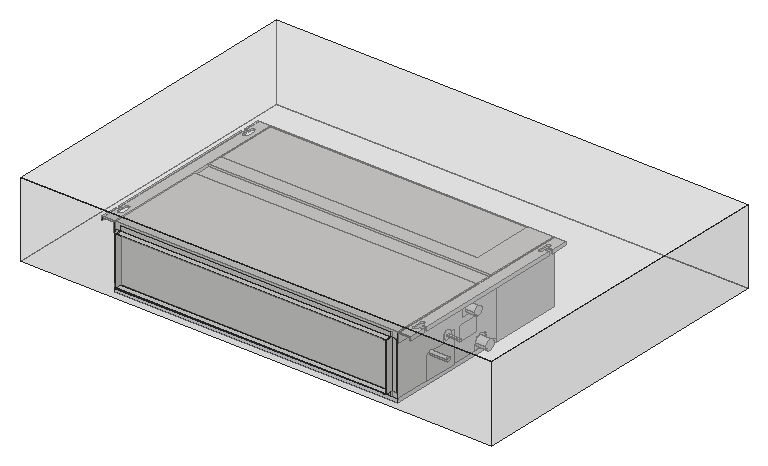
Revit family "outputfile", category 機械設備, Revit 2024
Family settings
  丸型コネクタ寸法 = 半径を使用
  パーツ タイプ = 標準
  OmniClass 番号 = 23.75.10.24.21.27.27
  OmniClass タイトル = Split System Air Conditioning Units
  作業面ベース = いいえ
  常に垂直 = はい
  ロード時にボイドで切り取り = いいえ
  注釈の向きを維持 = いいえ
  共有 = いいえ
  部屋計算ポイント = はい
Parameters (values of type "FXDQ40NDVE4")
  Description = ""
  製造元 = "Daikin"
  書き出し IFC クラス(タイプ) = "IfcUnitaryEquipmentType"
  定義済み IFC タイプ(タイプ) = "AIRCONDITIONINGUNIT"
  Cost = 0
  モデル = "FXDQ40NDVE4"
  Type Comments = ""
  Keynote = ""
  Type Image = (empty or 0)
  Assembly Code = ""
  w_pipe = 33.0 mm
  r_Liquid Pipe Size = Liquid Pipe Size / 2  # 3.2 mm
  r_Gas Pipe Size = Gas Pipe Size / 2  # 6.35 mm
  r_Drain Pipe Size = Drain Pipe Size / 2  # 10.0 mm
  lw_powersupply = 404.0 mm
  lw_ductflange2 = 820.0 mm
  lw_Width = 860.0 mm
  lh_suctionflange [instance] = if(Rear Connection_Return Air, 100.0 mm + [h***], 190.0 mm + [h***])  # 100.0 mm
  ld_suctionflange [instance] = if(Rear Connection_Return Air, 190.0 mm, 100.0 mm)  # 190.0 mm
  ld_powersupply = 60.0 mm
  angle_vertical_RA [instance] = if(Rear Connection_Return Air, 90.00°, 0.00°)  # 90.00°
  angle horizontal_RA [instance] = if(Rear Connection_Return Air, 180.00°, 270.00°)  # 180.00°
  Voltage_comment_60Hz = "220"
  Voltage_comment_50Hz = "220-240"
  Voltage_60Hz = 220 V
  Voltage_50Hz = 220 V
  URL = ""
  Supply Air Direction [instance] = yes
  Sound Power Level_H speed (dB) = 56
  Rear Connection_Return Air [instance] = not(Bottom Connection_Return Air)  # yes
  RA_length = 190.0 mm  # constant formula
  Phase_60Hz = 1
  Phase_50Hz = 1
  Minimum External Static Pressure = 15.00 Pa
  Minimum Circuit Amps_60Hz = 1.1 A
  Minimum Circuit Amps_50Hz = 1.0 A
  Maximum Fuse Amps_60Hz = 16.0 A
  Maximum Fuse Amps_50Hz = 16.0 A
  Maximum External Static Pressure = 44.00 Pa
  Material_Casing = DAIKIN_GalvanizedSteel_Casing_indoorunit
  lw_liquidpipe = 46.0 mm  # constant formula
  lw_gaspipe = 57.0 mm  # constant formula
  lw_mountinghole_pitch = 940.0 mm
  lw_mountinghole = 20.0 mm  # constant formula
  lw_drainpipe = 33.0 mm  # constant formula
  lh_powersupply = 10.0 mm
  lh_liquidpipe = 110.0 mm
  lh_gaspipe = 87.0 mm
  lh_mountinghole = Height + [h***]  # 200.0 mm
  lh_drainpipe = 150.0 mm
  lh_antena = 1.0 mm  # constant formula
  ld_liquidpipe = 193.0 mm  # constant formula
  ld_gaspipe = 130.0 mm  # constant formula
  ld_mountinghole_pitch = 0.0 mm  # constant formula
  ld_drainpipe = 280.0 mm
  ld_controlbox = 626.0 mm  # constant formula
  h*** = 0.0 mm  # constant formula
  d_dischargeflange = 21.2 mm  # constant formula
  Width = 900.0 mm
  Version = "ver.1.0"
  Unit Type = "Slim Duct (Standard) Type"
  Unit Mass Weight = 27.00 kg
  Unit Designation [instance] = ""
  Uniclass2015Version = "Products v1.30"
  Uniclass2015Title = "Variable refrigerant flow units"
  Uniclass2015Code = "Pr_70_65_03_94"
  Total Heating Capacity [instance] = 0.000 kW
  Total Cooling Capacity [instance] = 0.000 kW
  Sound Pressure Level_M speed (dBA) = 0
  Sound Pressure Level_L speed (dBA) = 26
  Sound Pressure Level_H speed (dBA) = 30
  Series = "VRV Fan Coil Unit"
  Sensible Cooling Capacity [instance] = 0.000 kW
  SA Duct Size Width = 860.0 mm
  SA Duct Size Height = 153.0 mm
  Refrigerant Type = "R410A"
  RA Duct Size Width = 800.0 mm
  RA Duct Size Height = 180.0 mm
  Power Input (Heating) = 0.147 kW
  Power Input (Cooling) = 0.160 kW
  Option Accessory 3 [instance] = ""
  Option Accessory 2 [instance] = ""
  Option Accessory 1 [instance] = ""
  Nominal Heating Capacity = 5.000 kW
  Nominal Cooling Capacity = 4.500 kW
  Minimum Airflow = 510.00 m³/h
  Median Airflow = 570.00 m³/h
  Maximum Airflow = 630.00 m³/h
  Load Classification = HVAC
  Liquid Pipe Size = 6.4 mm
  Link_Nested Family [instance] = ""
  IfcVersion = "0"
  IfcExportType = "AIRCONDITIONINGUNIT"
  IfcExportAs = "IfcUnitaryEquipmentType"
  Height = 200.0 mm
  Heating Entering Wet Bulb Temperature [instance] = 0.00 °C
  Heating Entering Dry Bulb Temperature [instance] = 0.00 °C
  Heating Ambient Wet Bulb Temperature [instance] = 0.00 °C
  Heating Ambient Dry Bulb Temperature [instance] = 0.00 °C
  Heat Exchanger Type = "Cross Fin Coil"
  Gas Pipe Size = 12.7 mm
  Frequency_60Hz = 60 Hz
  Frequency_50Hz = 50 Hz
  Fan Type = "Sirocco Fan"
  Fan Drive = "Direct Drive"
  FCU Tag No. [instance] = ""
  Drain Pipe Size = 20.0 mm
  Design Supply Airflow [instance] = 0.00 m³/h
  Design Return Airflow [instance] = 0.00 m³/h
  Design External Static Pressure [instance] = 0.00 Pa
  Depth = 620.0 mm
  既定の高さ = 0.0 mm
  Cooling Entering Wet Bulb Temperature [instance] = 0.00 °C
  Cooling Entering Dry Bulb Temperature [instance] = 0.00 °C
  Cooling Ambient Wet Bulb Temperature [instance] = 0.00 °C
  Cooling Ambient Dry Bulb Temperature [instance] = 0.00 °C
  Clearance visibility [instance] = yes
  Clearance Top = 20.0 mm
  Clearance Right = 300.0 mm
  Clearance Rear = 400.0 mm
  Clearance Left = 300.0 mm
  Clearance Front = 0.0 mm
  Clearance Bottom = 20.0 mm
  Bottom Connection_Return Air [instance] = no
Reference planes
  plane 1 "Center (Front/Back)": y = 0
  plane 2: z = 0
  plane 3 "Center (Left/Right)": x = 0
  plane 4 "Back": y = 310
  plane 5 "Front": y = -310
  plane 6 "Left": x = -450
  plane 7 "Right": x = 450
  plane 8 "Top": z = 0
  plane 9 "Bottom": z = -200
  plane 10: x = 330
  plane 11: x = -330
  plane 12: z = -190
  plane 13: z = -6
  plane 14: z = -22
  plane 15: z = -90
  plane 16: z = -113
  plane 17: x = -304
  plane 18: x = 304
  plane 19: x = -470
  plane 20: x = 470
  plane 21: y = 250
  plane 22: y = 250
  plane 23: x = -490
  plane 24: x = 390
  plane 25: x = 496
  plane 26: x = 507
  plane 27: x = 483
  plane 28: z = 0
  plane 29: z = -50
  plane 30 "Clearance Left": x = -750
  plane 31 "Clearance Right": x = 750
  plane 32 "Clearance Rear": y = 710
  plane 33 "Clearance Front": y = -310
  plane 34 "Clearance Top": z = 20
  plane 35 "Clearance Bottom": z = -220
  plane 36: z = -21
  plane 37: z = -170
  plane 38: z = -96.5
  plane 39: x = -40
  plane 40: y = -180
  plane 41: y = -117
  plane 42: y = -30
  plane 43: y = 20
  plane 44: z = -97.5
  plane 45: y = -309
  plane 46: x = -449
  plane 47: z = -100
  plane 48: z = -30
  plane 49: y = 210
  plane 50: z = 301
  plane 51: z = -199
  plane 52: y = 120
  plane 53: z = -101
  plane 54: x = 480
  plane 55: x = 445
  plane 56: x = 455
  plane 57: x = 451
  plane 58: x = 369
  plane 59: x = 449.004
  plane 60: x = -449
  plane 61: x = 404
  plane 62: z = -189
Forms (mm)
  Extrusion 1, solid
    sketch origin (0, 0, 0) x (1, 0, 0) y (0, 0, 1)
      loop
        line (-450, -190) -> (-450, -200) -> (450, -200) -> (450, -190) -> (-450, -190)
    from -84 to 310
  Extrusion 2, solid, material "DAIKIN_GalvanizedSteel_Casing_indoorunit" <- "Material_Casing"
    sketch origin (0, 0, 0) x (1, 0, 0) y (0, 1, 0)
      loop
        line (-450, -309) -> (450, -309) -> (450, 310) -> (-450, 310) -> (-450, -309)
    from -200 to 0
  Extrusion 3, void
    sketch origin (0, 0, 1) x (1, 0, 0) y (0, 1, 0)
      loop
        line (-450, 62.179) -> (-450, 4.179) -> (450, 4.179) -> (450, 62.179) -> (-450, 62.179)
    from -1 to -7
  Extrusion 4, void
    sketch origin (0, 0, 0) x (0, 1, 0) y (0, 0, 1)
      loop
        line (-5, -190) -> (45, -190) -> (45, -170)
        arc (45, -170) -> (20, -145) -> (-5, -170) r 25
        line (-5, -170) -> (-5, -190)
    from 450 to 445
  Revolve 5, solid, material "DAIKIN_GalvanizedSteel_Casing_indoorunit" <- "Material_Casing"
    sketch origin (0, 0, -113) x (0, -1, 0) y (1, 0, 0)
      loop
        line (173.65, 451) -> (180, 451) -> (180, 507) -> (173.65, 507) -> (173.65, 451)
      axis (180, 451) -> (180, 507)
    angle from 0 to 360
  Revolve 6, solid, material "DAIKIN_GalvanizedSteel_Casing_indoorunit" <- "Material_Casing"
    sketch origin (0, 0, -90) x (0, -1, 0) y (1, 0, 0)
      loop
        line (117, 451) -> (117, 496) -> (113.8, 496) -> (113.8, 451) -> (117, 451)
      axis (117, 496) -> (117, 451)
    angle from 0 to 360
  Extrusion 7, solid, material "DAIKIN_GalvanizedSteel_Casing_indoorunit" <- "Material_Casing"
    sketch origin (0, 0, 0) x (0, 1, 0) y (0, 0, 1)
      loop
        circle (-116, -90) r 12.7
    from 450 to 455
  Extrusion 8, solid, material "DAIKIN_GalvanizedSteel_Casing_indoorunit" <- "Material_Casing"
    sketch origin (0, 0, 0) x (0, 1, 0) y (0, 0, 1)
      loop
        circle (20, -170) r 15
    from 480 to 445
  Extrusion 9, solid, material "DAIKIN_GalvanizedSteel_Casing_indoorunit" <- "Material_Casing"
    sketch origin (0, 0, 0) x (0, 1, 0) y (0, 0, 1)
      loop
        line (-52, -30) -> (-52, -70) -> (-11, -70) -> (-11, -30) -> (-52, -30)
    from 450 to 451
  Extrusion 10, solid, material "DAIKIN_GalvanizedSteel_Casing_indoorunit" <- "Material_Casing"
    sketch origin (0, 0, 0) x (0, 1, 0) y (0, 0, 1)
      loop
        circle (-30, -50.064) r 13
    from 450 to 483
  Extrusion 11, solid, material "DAIKIN_GalvanizedSteel_Casing_indoorunit" <- "Material_Casing"
    sketch origin (0, 0, 0) x (0, 1, 0) y (0, 0, 1)
      loop
        line (-63.609, -90) -> (-63.609, -136) -> (0.391, -136) -> (0.391, -90) -> (-63.609, -90)
    from 450 to 451
  Extrusion 12, solid, material "DAIKIN_GalvanizedSteel_Casing_indoorunit" <- "Material_Casing"
    sketch origin (0, 0, 0) x (1, 0, 0) y (0, 0, 1)
      loop
        line (-450, -190) -> (-450, -200) -> (450, -200) -> (450, -190) -> (-450, -190)
    from -84 to 310
  Extrusion 13, solid, material "DAIKIN_GalvanizedSteel_Casing_indoorunit" <- "Material_Casing", visible <- "Bottom Connection_Return Air"
    sketch origin (0, 0, 0) x (1, 0, 0) y (0, 0, 1)
      loop
        line (369, -200) -> (369, -1) -> (-449, -1) -> (-449, -200) -> (369, -200)
    from -310 to -309
  Extrusion 14, void
    sketch origin (0, 0, 0) x (1, 0, 0) y (0, 0, 1)
      loop
        line (369, 0) -> (-449, 0) -> (-449, -1) -> (369, -1) -> (369, 0)
    from -310 to -111
  Extrusion 15, solid, material "DAIKIN_GalvanizedSteel_Casing_indoorunit" <- "Material_Casing", visible <- "Rear Connection_Return Air"
    sketch origin (0, 0, 0) x (1, 0, 0) y (0, 1, 0)
      loop
        line (-449, 310) -> (-449, 111) -> (369, 111) -> (369, 310) -> (-449, 310)
    from -200 to -199
  Extrusion 16, solid, material "DAIKIN_GalvanizedSteel_Casing_indoorunit" <- "Material_Casing"
    sketch origin (0, 0, 0) x (0, 1, 0) y (0, 0, 1)
      loop
        line (-194, -113) -> (-194, -190) -> (-88.3, -190) -> (-88.3, -90) -> (-103.3, -90)
        arc (-103.3, -90) -> (-116, -102.7) -> (-128.7, -90) r 12.7
        line (-128.7, -90) -> (-128.7, -113) -> (-173.65, -113)
        arc (-173.65, -113) -> (-180, -119.35) -> (-186.35, -113) r 6.35
        line (-186.35, -113) -> (-194, -113)
    from 451 to 450
  Extrusion 17, solid, material "DAIKIN_GalvanizedSteel_Casing_indoorunit" <- "Material_Casing"
    sketch origin (0, 0, 0) x (0, 1, 0) y (0, 0, 1)
      loop
        line (84, -199) -> (310, -199) -> (310, -22) -> (91, -22) -> (84, -29) -> (84, -199)
    from 451 to 450
Cuts and joins
  Extrusion 3, Extrusion 4, Extrusion 14 cuts Extrusion 2
  Extrusion 4 cuts Extrusion 1
  Extrusion 14 cuts Extrusion 12
Dimensions and locks
  "lh_powersupply": plane 12 to plane 9 "Bottom"
  locked: plane 8 "Top" to plane 13 at 6
  "Height": plane 8 "Top" to plane 9 "Bottom"
  equal spacing: plane 17, plane 3 "Center (Left/Right)", plane 18, locked at 304 each
  locked: plane 17 to plane 18 at 608
  equal spacing: plane 19, plane 3 "Center (Left/Right)", plane 20
  "lw_mountinghole_pitch": plane 19 to plane 20
  locked: plane 14 to plane 9 "Bottom" at 178
  "lw_mountinghole": plane 23 to plane 19
  "lh_liquidpipe": plane 15 to plane 9 "Bottom"
  "lh_gaspipe": plane 16 to plane 9 "Bottom"
  "lh_mountinghole": plane 28 to plane 9 "Bottom"
  "ld_mountinghole_pitch": plane 22 to plane 21
  equal spacing: plane 6 "Left", plane 3 "Center (Left/Right)", plane 7 "Right"
  "Width": plane 6 "Left" to plane 7 "Right"
  "lh_drainpipe": plane 29 to plane 9 "Bottom"
  "Clearance Right": plane 7 "Right" to plane 31 "Clearance Right"
  "Clearance Left": plane 30 "Clearance Left" to plane 6 "Left"
  "lw_gaspipe": plane 7 "Right" to plane 26
  "lw_liquidpipe": plane 7 "Right" to plane 25
  "lw_drainpipe": plane 7 "Right" to plane 27
  "Clearance Rear": plane 32 "Clearance Rear" to plane 4 "Back"
  "Clearance Front": plane 5 "Front" to plane 33 "Clearance Front"
  "Clearance Top": plane 34 "Clearance Top" to plane 8 "Top"
  "Clearance Bottom": plane 9 "Bottom" to plane 35 "Clearance Bottom"
  "ld_powersupply": plane 4 "Back" to plane 22
  locked: plane 8 "Top" to plane 36 at 21
  locked: plane 8 "Top" to plane 37 at 170
  locked: plane 40 to plane 41 at 63
  locked: plane 38 to plane 9 "Bottom" at 103.5
  locked: plane 36 to plane 44 at 76.5
  "Depth": plane 4 "Back" to plane 5 "Front"
  equal spacing: plane 4 "Back", plane 1 "Center (Front/Back)", plane 5 "Front"
  locked: plane 45 to plane 5 "Front" at 1
  locked: plane 46 to plane 6 "Left" at 1
  Extrusion 13 sketch curve to Extrusion 13 sketch curve = 199.0 mm
  nested 11 to plane 39 = 400.0 mm
  locked: plane 12 to plane 47 at 90
  plane 32 "Clearance Rear" to Extrusion 13 = 401.0 mm
  locked: plane 48 to plane 35 "Clearance Bottom" at 190
  plane 49 to nested 12 = 90.0 mm
  plane 50 to plane 28 = 301.0 mm
  locked: plane 51 to plane 9 "Bottom" at 1
  "ld_suctionflange": plane 4 "Back" to plane 52
  locked: plane 53 to plane 9 "Bottom" at 99
  locked: plane 7 "Right" to plane 54 at 30
  locked: plane 55 to plane 7 "Right" at 5
  locked: plane 7 "Right" to plane 56 at 5
  locked: plane 7 "Right" to plane 57 at 1
  plane 7 "Right" to plane 58 = 81.0 mm
  locked: plane 7 "Right" to plane 59 at 0.996
  locked: plane 60 to plane 6 "Left" at 1
  "lw_powersupply": plane 3 "Center (Left/Right)" to plane 61
  "r_Gas Pipe Size": nested 6 to Revolve 5 sketch curve
  "r_Liquid Pipe Size": nested 5 to Revolve 6 sketch curve
  locked: plane 62 to plane 9 "Bottom" at 11
  aligned and locked: level to plane 2
  aligned and locked: Extrusion 2 to plane 9 "Bottom"
  aligned and locked: plane 8 "Top" to Extrusion 2
  aligned and locked: Revolve 5 sketch curve to Revolve 5 sketch curve
  aligned and locked: plane 15 to Extrusion 7 sketch curve
  aligned and locked: cut or joined group of Extrusion 1, Extrusion 4 to plane 9 "Bottom"
  aligned and locked: plane 27 to Extrusion 10
  aligned and locked: plane 25 to nested 5
  aligned and locked: nested 5 to plane 15
  aligned and locked: nested 1 to plane 22
  aligned and locked: plane 20 to nested 2
  aligned and locked: plane 19 to nested 3
  aligned and locked: plane 22 to nested 4
  aligned and locked: nested 4 to plane 22
  aligned and locked: plane 19 to nested 4
  aligned and locked: nested 7 to plane 29
  aligned and locked: Extrusion 10 to nested 7
  aligned and locked: plane 27 to nested 7
  aligned and locked: nested 10 to plane 12
  aligned and locked: Extrusion 12 to plane 5 "Front"
  aligned and locked: Extrusion 12 to plane 9 "Bottom"
  aligned and locked: nested 6 to plane 16
  aligned and locked: plane 40 to nested 6
  aligned and locked: plane 41 to nested 5
  aligned and locked: plane 42 to nested 7
  aligned and locked: Extrusion 8 sketch curve to plane 43
  aligned and locked: plane 4 "Back" to Extrusion 14
  aligned and locked: Extrusion 15 to nested 12
  aligned and locked: plane 8 "Top" to Extrusion 3
  aligned and locked: Extrusion 13 to cut or joined group of Extrusion 2, Extrusion 3, Extrusion 4, Extrusion 14
  aligned and locked: plane 9 "Bottom" to Extrusion 15  (x2)
  aligned and locked: Extrusion 15 to plane 51
  aligned and locked: plane 4 "Back" to nested 11
  aligned and locked: Extrusion 14 to level
  aligned and locked: plane 32 "Clearance Rear" to nested 13
  aligned and locked: plane 31 "Clearance Right" to nested 13
  aligned and locked: plane 30 "Clearance Left" to nested 13
  aligned and locked: nested 13 to plane 33 "Clearance Front"
  aligned and locked: nested 13 to plane 34 "Clearance Top"
  aligned and locked: nested 13 to plane 35 "Clearance Bottom"
  aligned and locked: plane 7 "Right" to Extrusion 16  (x2)
  aligned and locked: plane 4 "Back" to Extrusion 17
  aligned and locked: Extrusion 17 to plane 51
  aligned and locked: plane 7 "Right" to Extrusion 17  (x2)
  aligned and locked: Extrusion 16 to Revolve 5 sketch curve
  aligned and locked: Extrusion 3 to plane 13
  aligned and locked: plane 52 to nested 14
  aligned and locked: nested 12 to Extrusion 14
  aligned and locked: Extrusion 11 to plane 7 "Right"
  aligned and locked: Extrusion 7 to plane 7 "Right"
  aligned and locked: plane 7 "Right" to cut or joined group of Extrusion 2, Extrusion 3, Extrusion 4, Extrusion 14  (x2)
  aligned and locked: cut or joined group of Extrusion 2, Extrusion 3, Extrusion 4, Extrusion 14 to plane 55
  aligned and locked: Extrusion 8 to plane 55
  aligned and locked: plane 54 to Extrusion 8
  aligned and locked: plane 56 to Extrusion 7
  aligned and locked: plane 57 to Extrusion 17
  aligned and locked: Extrusion 16 to plane 57
  aligned and locked: Extrusion 11 to plane 57
  aligned and locked: plane 26 to nested 6
  aligned and locked: Extrusion 9 to plane 57
  aligned and locked: Extrusion 9 to plane 7 "Right"
  aligned and locked: Extrusion 10 to plane 7 "Right"
  aligned and locked: plane 58 to Extrusion 14 sketch curve
  aligned and locked: Extrusion 13 sketch curve to plane 58
  aligned and locked: plane 3 "Center (Left/Right)" to nested 15
  aligned and locked: Extrusion 15 to plane 58
  aligned and locked: plane 6 "Left" to nested 11
  aligned and locked: plane 8 "Top" to nested 15
  aligned and locked: plane 4 "Back" to nested 15
  aligned and locked: cut or joined group of Extrusion 2, Extrusion 3, Extrusion 4, Extrusion 14 to plane 45
  aligned and locked: nested 10 to plane 61
  aligned and locked: plane 20 to nested 1
  aligned and locked: nested 12 to plane 58
  aligned and locked: nested 9 to plane 1 "Center (Front/Back)"
  aligned and locked: plane 3 "Center (Left/Right)" to nested 9
  aligned and locked: plane 51 to nested 12
  aligned and locked: nested 11 to plane 51
  aligned and locked: nested 16 to plane 62
  aligned and locked: plane 13 to nested 16
  aligned and locked: plane 45 to nested 16
  aligned and locked: level to plane 8 "Top"
Automatic sketch dimensions
  Extrusion 1 sketch curve to plane 6 "Left" = 0.0 mm
  Extrusion 1 sketch curve to plane 7 "Right" = 0.0 mm
  Extrusion 1 sketch curve to plane 9 "Bottom" = 0.0 mm
  Extrusion 1 sketch curve to plane 12 = 0.0 mm
  Extrusion 2 sketch curve to plane 4 "Back" = 0.0 mm
  Extrusion 2 sketch curve to plane 6 "Left" = 0.0 mm
  Extrusion 2 sketch curve to plane 7 "Right" = 0.0 mm
  Extrusion 2 sketch curve to plane 45 = 0.0 mm
  Extrusion 3 sketch curve to plane 6 "Left" = 0.0 mm
  Extrusion 3 sketch curve to plane 7 "Right" = 0.0 mm
  Extrusion 3 sketch curve to plane 1 "Center (Front/Back)" = 4.179 mm
  plane 43 to Extrusion 3 sketch curve = 42.179 mm
  Extrusion 4 sketch curve to plane 37 = 0.0 mm
  Extrusion 4 sketch curve to plane 12 = 0.0 mm
  Extrusion 4 sketch curve to plane 43 = 0.0 mm
  plane 1 "Center (Front/Back)" to Extrusion 4 sketch curve = 5.0 mm
  plane 41 to Extrusion 7 sketch curve = 1.0 mm
  Extrusion 8 sketch curve to plane 37 = 0.0 mm
  Extrusion 9 sketch curve to plane 42 = 22.0 mm
  plane 1 "Center (Front/Back)" to Extrusion 9 sketch curve = 11.0 mm
  plane 15 to Extrusion 9 sketch curve = 20.0 mm
  Extrusion 9 sketch curve to plane 14 = 8.0 mm
  Extrusion 10 sketch curve to plane 42 = 0.0 mm
  Extrusion 10 sketch curve to plane 29 = 0.064 mm
  plane 15 to Extrusion 11 sketch curve = 0.0 mm
  Extrusion 11 sketch curve to plane 42 = 33.609 mm
  Extrusion 11 sketch curve to plane 1 "Center (Front/Back)" = 0.391 mm
  Extrusion 11 sketch curve to plane 16 = 23.0 mm
  Extrusion 12 sketch curve to plane 6 "Left" = 0.0 mm
  Extrusion 12 sketch curve to plane 7 "Right" = 0.0 mm
  Extrusion 12 sketch curve to plane 9 "Bottom" = 0.0 mm
  Extrusion 12 sketch curve to plane 12 = 0.0 mm
  plane 46 to Extrusion 13 sketch curve = 0.0 mm
  plane 46 to Extrusion 14 sketch curve = 0.0 mm
  Extrusion 14 sketch curve to plane 8 "Top" = 1.0 mm
  Extrusion 15 sketch curve to plane 46 = 0.0 mm
  Extrusion 15 sketch curve to plane 4 "Back" = 0.0 mm
  plane 18 to Extrusion 15 sketch curve = 65.0 mm
  plane 43 to Extrusion 15 sketch curve = 91.0 mm
  plane 35 "Clearance Bottom" to Extrusion 14 sketch curve = 220.0 mm
  Extrusion 13 sketch curve to plane 51 = 1.0 mm
  Extrusion 16 sketch curve to plane 12 = 0.0 mm
  Extrusion 16 sketch curve to plane 16 = 0.0 mm
  Extrusion 16 sketch curve to plane 40 = 0.0 mm
  Extrusion 16 sketch curve to plane 15 = 0.0 mm
  Extrusion 16 sketch curve to Extrusion 16 sketch curve = 6.35 mm
  Extrusion 16 sketch curve to Extrusion 16 sketch curve = 7.65 mm
  Extrusion 16 sketch curve to plane 41 = 11.7 mm
  plane 41 to Extrusion 16 sketch curve = 1.0 mm
  Extrusion 16 sketch curve to Extrusion 16 sketch curve = 27.7 mm
  Extrusion 17 sketch curve to plane 51 = 0.0 mm
  Extrusion 17 sketch curve to plane 14 = 0.0 mm
  plane 48 to Extrusion 17 sketch curve = 1.0 mm
  plane 43 to Extrusion 17 sketch curve = 64.0 mm
  Extrusion 17 sketch curve to Extrusion 17 sketch curve = 7.0 mm
  Extrusion 17 sketch curve to plane 4 "Back" = 0.0 mm
  Revolve 5 sketch curve to plane 26 = 0.0 mm
  Revolve 5 sketch curve to plane 40 = 0.0 mm
  Revolve 5 sketch curve to Revolve 5 sketch curve = 1.003 mm
  plane 26 to Revolve 5 sketch curve = 1.003 mm
  Revolve 6 sketch curve to plane 41 = 0.0 mm  (x2)
  Revolve 6 sketch curve to plane 25 = 0.0 mm  (x2)
  Revolve 6 sketch curve to plane 57 = 0.0 mm  (x2)
  radius of Extrusion 7 sketch curve = 12.7 mm
  radius of Extrusion 8 sketch curve = 15.0 mm
  radius of Extrusion 10 sketch curve = 13.0 mm
Nested families
  nested 1: "daikin_mountinghole" at (470, 250, -200), l_antenna <- "lh_antena", Link_Nested Family <- "Link_Nested Family", h_mountinghole <- "lh_mountinghole", type "daikin_mountinghole"
    with show yes, l_antenna 1.0 mm, h_mountinghole 200.0 mm, Link_Nested Family ""
  nested 2: "daikin_mountinghole" at (470, -250, -200), Link_Nested Family <- "Link_Nested Family", l_antenna <- "lh_antena", h_mountinghole <- "lh_mountinghole", type "daikin_mountinghole"
    with show yes, l_antenna 1.0 mm, h_mountinghole 200.0 mm, Link_Nested Family ""
  nested 3: "daikin_mountinghole" at (-470, -250, -200), l_antenna <- "lh_antena", Link_Nested Family <- "Link_Nested Family", h_mountinghole <- "lh_mountinghole", type "daikin_mountinghole"
    with show yes, l_antenna 1.0 mm, h_mountinghole 200.0 mm, Link_Nested Family ""
  nested 4: "daikin_mountinghole" at (-470, 250, -200), l_antenna <- "lh_antena", Link_Nested Family <- "Link_Nested Family", h_mountinghole <- "lh_mountinghole", type "daikin_mountinghole"
    with show yes, l_antenna 1.0 mm, h_mountinghole 200.0 mm, Link_Nested Family ""
  nested 5: "daikin_connector_rotate2" at (450, -117, -90) x (0, 1, 0) z (0, 0, 1), length <- "lw_liquidpipe", built-in parameter 1001364 <- "lh_liquidpipe", radius <- "r_Liquid Pipe Size", type "daikin_connector_rotate2"
    with radius 3.2 mm, length 46.0 mm, angle_vertical 90.00°
  nested 6: "daikin_connector_rotate2" at (450, -180, -113) x (0, 1, 0) z (0, 0, 1), length <- "lw_gaspipe", built-in parameter 1001364 <- "lh_gaspipe", radius <- "r_Gas Pipe Size", type "daikin_connector_rotate2"
    with radius 6.35 mm, length 57.0 mm, angle_vertical 90.00°
  nested 7: "daikin_connector_rotate2" at (450, -30, -50) x (0, 1, 0) z (0, 0, 1), built-in parameter 1001364 <- "lh_drainpipe", length <- "lw_drainpipe", radius <- "r_Drain Pipe Size", type "daikin_connector_rotate2"
    with radius 10.0 mm, length 33.0 mm, angle_vertical 90.00°
  nested 8: "daikin_connector_rotate2" at (0, -309, -97.5), length <- "d_dischargeflange", type "daikin_connector_rotate2"
    with radius 10.0 mm, length 21.2 mm, angle_vertical 90.00°
  nested 9: "daikin_△_symbolicline" at (-75, -129.904, 200) x (-0.5, 0.866, 0) z (0, 0, 1), built-in parameter 1001364 <- "Height", visible <- "Supply Air Direction", type "daikin_△_symbolicline"
    with length 300.0 mm
  nested 10: "daikin_connector_rotate2" at (404, 250, -190) x (-1, 0, 0) z (0, 0, 1), built-in parameter 1001364 <- "lw_powersupply", length <- "ld_powersupply", type "daikin_connector_rotate2"
    with radius 10.0 mm, length 60.0 mm, angle_vertical 90.00°
  nested 11: "daikin_ductflange_FXDQ-NDVE4_2" at (-40, 310, -100), visible <- "Rear Connection_Return Air", material <- "Material_Casing", width <- "lw_ductflange2", type "daikin_ductflange_FXDQ-NDVE4_2"
    with width 820.0 mm, material DAIKIN_GalvanizedSteel_Casing_indoorunit, height 180.0 mm, depth 21.2 mm
  nested 12: "daikin_ductflange_FXDQ-NDVE4_2" at (-40, 210, -200) x (1, 0, 0) z (0, 1, 0), visible <- "Bottom Connection_Return Air", material <- "Material_Casing", width <- "lw_ductflange2", type "daikin_ductflange_FXDQ-NDVE4_2"
    with width 820.0 mm, material DAIKIN_GalvanizedSteel_Casing_indoorunit, height 180.0 mm, depth 21.2 mm
  nested 13: "daikin_clearancespace" at (0, 200, -99.881), visible <- "Clearance visibility", show <- "Clearance visibility", Link_Nested Family <- "Link_Nested Family", type "daikin_clearancespace"
    with width 1500.0 mm, show yes, height 240.0 mm, depth 1020.0 mm, Link_Nested Family ""
  nested 14: "daikin_connector_rotate3" at (-40, 120, -100), built-in parameter 1001364 <- "lh_suctionflange", angle_vertical <- "angle_vertical_RA", angle_horizontal <- "angle horizontal_RA", length <- "RA_length", type "daikin_connector_rotate3"
    with show no, radius 10.0 mm, length 190.0 mm, angle_vertical 90.00°, angle_horizontal 180.00°
  nested 15: "daikin_hangerfixture_FXDQ-NDVE4" at (0, 0.5, 0), type "daikin_hangerfixture_FXDQ-NDVE4"
  nested 16: "daikin_ductflange_FXDQ-NDVE4_1" at (0, 4.5, -364.201), material <- "Material_Casing", width <- "lw_Width", type "daikin_ductflange_FXDQ-NDVE4_1"
    with width 860.0 mm, material DAIKIN_GalvanizedSteel_Casing_indoorunit, height 155.0 mm, depth 21.2 mm
Connectors
  piping at (507, -180, -113), diameter 12.7, driven by "r_Gas Pipe Size"
    settings: on nested 6, index 1, connector inside diameter 609.6 mm, connector length 0.0 mm, flow factor 0, pipe flow 0.00 m³/h, pressure drop 0.0 Pa, fitting loss kfactor 0, connector angle 0.00°, fixture units 0, engagement length 0.0 mm, angle of deflection 0.00°, flow configuration 1, flow direction 2, fitting loss method 0, system type 29, joint type 0, gender type 0, connector reference index -1, connector utility 0, adjustable connector no, is connector primary yes, connector description "Refrigerant Gas Piping"
  piping at (496, -117, -90), diameter 6.4, driven by "r_Liquid Pipe Size"
    settings: on nested 5, index 2, connector inside diameter 609.6 mm, connector length 0.0 mm, flow factor 0, pipe flow 0.00 m³/h, pressure drop 0.0 Pa, fitting loss kfactor 0, connector angle 0.00°, fixture units 0, engagement length 0.0 mm, angle of deflection 0.00°, flow configuration 1, flow direction 1, fitting loss method 0, system type 29, joint type 0, gender type 0, connector reference index -1, connector utility 0, adjustable connector no, is connector primary no, connector description "Refrigerant Liquid Piping"
  piping at (483, -30, -50), diameter 20, driven by "r_Drain Pipe Size"
    settings: on nested 7, index 3, connector inside diameter 609.6 mm, connector length 0.0 mm, flow factor 0, pipe flow 0.00 m³/h, pressure drop 0.0 Pa, fitting loss kfactor 0, connector angle 0.00°, fixture units 0, engagement length 0.0 mm, angle of deflection 0.00°, flow configuration 1, flow direction 2, fitting loss method 4, system type 16, joint type 0, gender type 0, connector reference index -1, connector utility 0, adjustable connector no, is connector primary no, connector description "Condensate Drain Piping"
  hvac at (0, -330.2, -97.5), driven by "SA Duct Size Height", driven by "SA Duct Size Width"
    settings: on nested 8, index 7, duct flow 0.00 m³/h, flow factor 0, pres drop 0.00 Pa, loss coef 0, conn angle 0.00°, conn width 860.0 mm, conn height 153.0 mm, conn diameter 609.6 mm, duct sys type 1, conn prof type 1, flow config 0, flow direction 2, loss method 4, conn ref index -1, conn util no, is conn primary yes, conn desc "SA Duct"
  electrical at (404, 310, -190), driven by "Load Classification"
    settings: on nested 10, index 9, voltage 0 V, apparent load 0 VA, apparent load phase1 0 VA, apparent load phase2 0 VA, apparent load phase3 0 VA, power factor 1, load classification "HVAC", number of poles 1, system type 30, power factor state 1, is connector primary yes, connector utility no, sub classification motor no, connector description "Power Supply"
  hvac at (-40, 310, -100), driven by "RA Duct Size Height", driven by "RA Duct Size Width"
    settings: on nested 14, index 10, duct flow 0.00 m³/h, flow factor 0, pres drop 0.00 Pa, loss coef 0, conn angle 0.00°, conn width 800.0 mm, conn height 180.0 mm, conn diameter 609.6 mm, duct sys type 2, conn prof type 1, flow config 0, flow direction 1, loss method 4, conn ref index -1, conn util no, is conn primary no, conn desc "RA Duct"
Definition of nested family "daikin_ductflange_FXDQ-NDVE4_2"
  Parameters (values of type "daikin_ductflange_FXDQ-PDVE2")
    width [instance] = 620.0 mm
    material [instance] = none
    height [instance] = 180.0 mm
    depth [instance] = 21.2 mm
    Default Elevation = 0.0 mm
  Reference planes
    plane 1 "Center (Front/Back)": y = 0
    plane 2: z = 0
    plane 3 "Center (Left/Right)": x = 0
    plane 4: y = -313.5
    plane 5: y = -334.7
    plane 6: x = -310
    plane 7: x = 310
    plane 8: z = 90
    plane 9: z = -90
    plane 10: z = 100
    plane 11: z = -100
    plane 12: x = -309
    plane 13: x = 309
  Forms (mm)
    Extrusion 1, solid, material <- "material"
      sketch origin (0, 0, 0) x (1, 0, 0) y (0, 0, 1)
        loop
          line (-300, 90) -> (-300, -90) -> (300, -90) -> (300, 90) -> (-300, 90)
        loop
          line (-309, -99) -> (309, -99) -> (309, 99) -> (-309, 99) -> (-309, -99)
      from 0 to 1
  Dimensions and locks
    plane 4 to plane 1 "Center (Front/Back)" = 313.5 mm
    "depth": plane 5 to plane 4
    equal spacing: plane 7, plane 3 "Center (Left/Right)", plane 6, locked at 310 each
    "width": plane 7 to plane 6
    equal spacing: plane 8, level, plane 9, locked at 90 each
    "height": plane 8 to plane 9
    equal spacing: plane 10, level, plane 11, locked at 100 each
    locked: plane 10 to plane 11 at 200
    plane 12 to plane 6 = 1.0 mm
    locked: plane 7 to plane 13 at 1
    locked: Extrusion 1 sketch curve to Extrusion 1 sketch curve at 9  (x4)
    locked: plane 10 to Extrusion 1 sketch curve at 1
    locked: Extrusion 1 sketch curve to plane 11 at 1
    aligned and locked: level to plane 2
  Automatic sketch dimensions
    plane 6 to Extrusion 1 sketch curve = 1.0 mm
    Extrusion 1 sketch curve to plane 7 = 1.0 mm
Definition of nested family "daikin_clearancespace"
  Parameters (values of type "daikin_clearancespace")
    width [instance] = 1823.963 mm
    show [instance] = yes
    material = none
    height [instance] = 1359.762 mm
    depth [instance] = 880.0 mm
    Default Elevation = 0.0 mm
    Link_Nested Family [instance] = ""
  Reference planes
    plane 1 "Center (Front/Back)": y = 0
    plane 2 "Center (Elevation)": z = -0.119
    plane 3 "Center (Left/Right)": x = 0
    plane 4: y = 440
    plane 5: y = -440
    plane 6 "Right": x = 911.982
    plane 7 "Left": x = -911.982
    plane 8 "Top": z = 679.762
    plane 9 "Bottom": z = -680
  Forms (mm)
    Extrusion 1, solid, material <- "material", visible <- "show"
      sketch origin (0, 0, 0) x (1, 0, 0) y (0, 1, 0)
        loop
          line (-911.982, 440) -> (-911.982, -440) -> (911.982, -440) -> (911.982, 440) -> (-911.982, 440)
      from -680 to 679.762
  Lines and regions (mm)
    symbolic lines, visible <- "show"
      curve 1: line (911.982, 440, 0) -> (-911.982, 440, 0)
      curve 2: line (-911.982, 440, 0) -> (-911.982, -440, 0)
      curve 3: line (-911.982, -440, 0) -> (911.982, -440, 0)
      curve 4: line (911.982, -440, 0) -> (911.982, 440, 0)
      curve 5: line (911.982, 0, 679.762) -> (-911.982, 0, 679.762)
      curve 6: line (911.982, 0, -680) -> (911.982, 0, 679.762)
      curve 7: line (-911.982, 0, -680) -> (911.982, 0, -680)
      curve 8: line (-911.982, 0, 679.762) -> (-911.982, 0, -680)
      curve 9: line (0, 440, 679.762) -> (0, -440, 679.762)
      curve 10: line (0, -440, 679.762) -> (0, -440, -680)
      curve 11: line (0, 440, -680) -> (0, 440, 679.762)
      curve 12: line (0, -440, -680) -> (0, 440, -680)
  Dimensions and locks
    "width": plane 7 "Left" to plane 6 "Right"
    "depth": plane 4 to plane 5
    "height": plane 8 "Top" to plane 9 "Bottom"
    equal spacing: plane 7 "Left", plane 3 "Center (Left/Right)", plane 6 "Right"
    equal spacing: plane 4, plane 1 "Center (Front/Back)", plane 5
    equal spacing: plane 8 "Top", plane 2 "Center (Elevation)", plane 9 "Bottom"
    aligned and locked: level to plane 2 "Center (Elevation)"
    aligned and locked: Extrusion 1 sketch curve to plane 4
    aligned and locked: plane 7 "Left" to Extrusion 1 sketch curve
    aligned and locked: Extrusion 1 sketch curve to plane 5
    aligned and locked: Extrusion 1 sketch curve to plane 6 "Right"
    aligned and locked: plane 8 "Top" to Extrusion 1
    aligned and locked: curve 1 to Extrusion 1
    aligned and locked: curve 2 to Extrusion 1
    aligned and locked: curve 3 to Extrusion 1
    aligned and locked: curve 4 to Extrusion 1
    aligned and locked: curve 5 to Extrusion 1
    aligned and locked: curve 6 to Extrusion 1
    aligned and locked: curve 7 to Extrusion 1
    aligned and locked: curve 8 to Extrusion 1
    aligned and locked: curve 9 to Extrusion 1
    aligned and locked: curve 10 to Extrusion 1
    aligned and locked: curve 11 to Extrusion 1
    aligned and locked: curve 12 to Extrusion 1
    aligned and locked: Extrusion 1 to plane 9 "Bottom"
Definition of nested family "daikin_hangerfixture_FXDQ-NDVE4"
  Parameters (values of type "daikin_hangerfixture_FXDQ-PDVE")
    width = 900.0 mm
    material = none
    height = 30.0 mm
    depth = 619.0 mm
    Default Elevation = 0.0 mm
  Reference planes
    plane 1 "Center (Front/Back)": y = 0
    plane 2: z = 0
    plane 3 "Center (Left/Right)": x = 0
    plane 4: x = 450
    plane 5: y = 309.5
    plane 6: y = -309.5
    plane 7: x = -450
    plane 8: z = -30
  Forms (mm)
    Extrusion 1, solid, material <- "material"
      sketch origin (0, 0, 0) x (1, 0, 0) y (0, 0, 1)
        loop
          line (450, 0) -> (450, -30) -> (452.3, -30) -> (452.3, -2.3) -> (487.7, -2.3) -> (487.7, -10) -> (490, -10) -> (490, 0) -> (450, 0)
      from -309.5 to 309.5
    Extrusion 2, void
      sketch origin (0, 0, 0) x (0, 1, 0) y (0, 0, 1)
        loop
          line (309.5, -30) -> (309.5, -17.979) -> (87.935, -17.979) -> (75.914, -30) -> (309.5, -30)
      from 0 to 550
    Extrusion 3, void
      sketch origin (0, 0, 0) x (1, 0, 0) y (0, 1, 0)
        loop
          line (490, -244) -> (477, -244) -> (477, -237.5)
          arc (477, -237.5) -> (470, -230.5) -> (463, -237.5) r 7
          line (463, -237.5) -> (463, -263.5)
          arc (463, -263.5) -> (470, -270.5) -> (477, -263.5) r 7
          line (477, -263.5) -> (477, -257) -> (490, -257) -> (490, -244)
        loop
          line (490, 243) -> (490, 256) -> (477, 256) -> (477, 262.5)
          arc (477, 262.5) -> (470, 269.5) -> (463, 262.5) r 7
          line (463, 262.5) -> (463, 236.5)
          arc (463, 236.5) -> (470, 229.5) -> (477, 236.5) r 7
          line (477, 236.5) -> (477, 243) -> (490, 243)
      from -254.96 to 618
    Extrusion 4, solid, material <- "material"
      sketch origin (0, 0, 0) x (-1, 0, 0) y (0, 0, -1)
        loop
          line (450, 0) -> (490, 0) -> (490, 10) -> (487.7, 10) -> (487.7, 2.3) -> (452.3, 2.3) -> (452.3, 30) -> (450, 30) -> (450, 0)
      from -309.5 to 309.5
    Extrusion 5, void
      sketch origin (0, 0, 0) x (-1, 0, 0) y (0, -1, 0)
        loop
          line (490, 244) -> (490, 257) -> (477, 257) -> (477, 263.5)
          arc (477, 263.5) -> (470, 270.5) -> (463, 263.5) r 7
          line (463, 263.5) -> (463, 237.5)
          arc (463, 237.5) -> (470, 230.5) -> (477, 237.5) r 7
          line (477, 237.5) -> (477, 244) -> (490, 244)
        loop
          line (490, -243) -> (477, -243) -> (477, -236.5)
          arc (477, -236.5) -> (470, -229.5) -> (463, -236.5) r 7
          line (463, -236.5) -> (463, -262.5)
          arc (463, -262.5) -> (470, -269.5) -> (477, -262.5) r 7
          line (477, -262.5) -> (477, -256) -> (490, -256) -> (490, -243)
      from -254.96 to 618
  Cuts and joins
    Extrusion 2, Extrusion 3, Extrusion 5 cuts Extrusion 1
    Extrusion 5 cuts Extrusion 4
  Dimensions and locks
    equal spacing: plane 5, plane 1 "Center (Front/Back)", plane 6
    "depth": plane 5 to plane 6
    plane 6 to plane 1 "Center (Front/Back)" to plane 5 = 309.5 mm, 309.5 mm
    equal spacing: plane 4, plane 3 "Center (Left/Right)", plane 7
    "width": plane 4 to plane 7
    "height": level to plane 8
    locked: plane 4 to Extrusion 2 at 100
    aligned and locked: level to plane 2
    aligned and locked: plane 5 to Extrusion 1
    aligned and locked: Extrusion 1 to plane 6
    aligned and locked: Extrusion 1 to plane 4
    aligned and locked: plane 5 to cut or joined group of Extrusion 1, Extrusion 2, Extrusion 3, Extrusion 5
    aligned and locked: cut or joined group of Extrusion 1, Extrusion 2, Extrusion 3, Extrusion 5 to plane 6
    aligned and locked: level to cut or joined group of Extrusion 1, Extrusion 2, Extrusion 3, Extrusion 5
    aligned and locked: cut or joined group of Extrusion 1, Extrusion 2, Extrusion 3, Extrusion 5 to plane 8
    aligned and locked: plane 5 to cut or joined group of Extrusion 4, Extrusion 5
    aligned and locked: cut or joined group of Extrusion 4, Extrusion 5 to plane 6
  Automatic sketch dimensions
    Extrusion 1 sketch curve to plane 4 = 0.0 mm
    Extrusion 1 sketch curve to plane 8 = 0.0 mm
    Extrusion 1 sketch curve to level = 0.0 mm
    plane 4 to Extrusion 1 sketch curve = 2.3 mm
    Extrusion 1 sketch curve to level = 2.3 mm
    Extrusion 1 sketch curve to Extrusion 1 sketch curve = 35.4 mm
    Extrusion 1 sketch curve to Extrusion 1 sketch curve = 2.3 mm
    Extrusion 1 sketch curve to Extrusion 1 sketch curve = 7.7 mm
    Extrusion 2 sketch curve to plane 8 = 0.0 mm
    Extrusion 2 sketch curve to plane 5 = 0.0 mm
    plane 8 to Extrusion 2 sketch curve = 12.021 mm
    Extrusion 2 sketch curve to plane 1 "Center (Front/Back)" = 87.935 mm
    Extrusion 2 sketch curve to Extrusion 2 sketch curve = 12.021 mm
    plane 4 to Extrusion 3 sketch curve = 13.0 mm  (x2)
    Extrusion 3 sketch curve to Extrusion 3 sketch curve = 7.0 mm  (x4)
    Extrusion 3 sketch curve to Extrusion 3 sketch curve = 13.0 mm  (x4)
    plane 6 to Extrusion 3 sketch curve = 46.0 mm
    Extrusion 3 sketch curve to Extrusion 3 sketch curve = 6.5 mm  (x4)
    Extrusion 3 sketch curve to plane 5 = 73.0 mm
    Extrusion 4 sketch curve to plane 7 = 0.0 mm
    Extrusion 4 sketch curve to plane 8 = 0.0 mm
    Extrusion 4 sketch curve to level = 0.0 mm
    Extrusion 4 sketch curve to plane 7 = 2.3 mm
    Extrusion 4 sketch curve to level = 2.3 mm
    Extrusion 4 sketch curve to Extrusion 4 sketch curve = 35.4 mm
    Extrusion 4 sketch curve to Extrusion 4 sketch curve = 2.3 mm
    Extrusion 4 sketch curve to Extrusion 4 sketch curve = 7.7 mm
    Extrusion 5 sketch curve to plane 7 = 13.0 mm  (x2)
    Extrusion 5 sketch curve to Extrusion 5 sketch curve = 7.0 mm  (x4)
    Extrusion 5 sketch curve to Extrusion 5 sketch curve = 13.0 mm  (x4)
    Extrusion 5 sketch curve to plane 5 = 47.0 mm
    Extrusion 5 sketch curve to Extrusion 5 sketch curve = 6.5 mm  (x4)
    plane 6 to Extrusion 5 sketch curve = 72.0 mm
Definition of nested family "daikin_ductflange_FXDQ-NDVE4_1"
  Parameters (values of type "daikin_ductflange_FXDQ-NDVE")
    width [instance] = 860.0 mm
    material [instance] = none
    height [instance] = 155.0 mm
    depth [instance] = 21.2 mm
    Default Elevation = 0.0 mm
  Reference planes
    plane 1 "Center (Front/Back)": y = 0
    plane 2: z = 189.201
    plane 3 "Center (Left/Right)": x = 0
    plane 4: y = -313.5
    plane 5: x = -430
    plane 6: x = 430
    plane 7: y = -334.7
    plane 8: z = 344.201
    plane 9: z = 266.701
    plane 10: z = 343.201
    plane 11: z = 190.201
  Forms (mm)
    Extrusion 1, solid, material <- "material"
      sketch origin (0, 0, 189.201) x (1, 0, 0) y (0, 1, 0)
        loop
          line (-430, -334.7) -> (-430, -313.5) -> (-448, -313.5) -> (-448, -314.5) -> (-431, -314.5) -> (-431, -334.7) -> (-430, -334.7)
        loop
          line (430, -334.7) -> (431, -334.7) -> (431, -314.5) -> (448, -314.5) -> (448, -313.5) -> (430, -313.5) -> (430, -334.7)
      from 1 to 154
    Extrusion 2, solid, material <- "material"
      sketch origin (0, 0, 0) x (0, 1, 0) y (0, 0, 1)
        loop
          line (-313.5, 343.201) -> (-313.5, 358.201) -> (-314.5, 358.201) -> (-314.5, 344.201) -> (-334.7, 344.201) -> (-334.7, 343.201) -> (-313.5, 343.201)
        loop
          line (-313.5, 190.201) -> (-334.7, 190.201) -> (-334.7, 189.201) -> (-314.5, 189.201) -> (-314.5, 175.201) -> (-313.5, 175.201) -> (-313.5, 190.201)
      from -430 to 430
  Dimensions and locks
    plane 4 to plane 1 "Center (Front/Back)" = 313.5 mm
    "depth": plane 7 to plane 4
    equal spacing: plane 8, plane 9, level
    "height": plane 8 to level
    equal spacing: plane 6, plane 3 "Center (Left/Right)", plane 5
    "width": plane 6 to plane 5
    plane 5 to plane 6 = 860.0 mm
    locked: plane 8 to plane 10 at 1
    locked: plane 11 to level at 1
    locked: Extrusion 1 to Extrusion 2 sketch curve at 1
    locked: Extrusion 2 sketch curve to Extrusion 1 at 1
    locked: Extrusion 1 sketch curve to Extrusion 1 sketch curve at 1
    locked: Extrusion 1 sketch curve to plane 5 at 18
    locked: Extrusion 1 to plane 5 at 18
    locked: plane 6 to Extrusion 1 at 18
    locked: plane 5 to Extrusion 1 at 18
    locked: Extrusion 1 to plane 6 at 18
    aligned and locked: level to plane 2
    aligned and locked: Extrusion 2 to plane 5
    aligned and locked: Extrusion 2 to plane 11
    aligned and locked: Extrusion 2 to plane 10
    aligned and locked: plane 6 to Extrusion 2
    aligned and locked: plane 5 to Extrusion 2  (x2)
    aligned and locked: plane 5 to Extrusion 1  (x2)
    aligned and locked: Extrusion 1 to plane 6
    aligned and locked: plane 6 to Extrusion 1
    aligned and locked: Extrusion 1 to plane 10
  Automatic sketch dimensions
    Extrusion 1 sketch curve to plane 4 = 0.0 mm  (x2)
    Extrusion 1 sketch curve to plane 7 = 0.0 mm  (x2)
    plane 5 to Extrusion 1 sketch curve = 0.0 mm
    Extrusion 1 sketch curve to plane 5 = 1.0 mm
    plane 6 to Extrusion 1 sketch curve = 1.0 mm
    Extrusion 2 sketch curve to plane 7 = 0.0 mm  (x2)
    Extrusion 2 sketch curve to plane 4 = 0.0 mm  (x2)
    Extrusion 2 sketch curve to plane 11 = 0.0 mm
    Extrusion 2 sketch curve to plane 10 = 0.0 mm
    Extrusion 2 sketch curve to plane 4 = 1.0 mm  (x2)
    Extrusion 2 sketch curve to level = 14.0 mm
    plane 8 to Extrusion 2 sketch curve = 14.0 mm
    Extrusion 1 sketch curve to Extrusion 1 sketch curve = 17.0 mm
    Extrusion 1 sketch curve to plane 4 = 1.0 mm
    Extrusion 1 sketch curve to plane 6 = 0.0 mm
Definition of nested family "daikin_mountinghole"
  Parameters (values of type "daikin_mountinghole")
    Default Elevation = 1219.2 mm
    Type Comments = "mountinghole"
    show [instance] = yes
    material = none
    l_centerline = 100.0 mm
    l_antenna [instance] = 100.0 mm
    h_mountinghole [instance] = 0.0 mm
    d_circle = 30.0 mm
    Link_Nested Family [instance] = ""
  Reference planes
    plane 1 "Center (Front/Back)": y = 0
    plane 2: z = 0
    plane 3 "Center (Left/Right)": x = 0
    plane 4: y = 50
    plane 5: x = -50
    plane 6: x = 50
    plane 7: y = -50
    plane 8 "h_mountinghole": z = 0
    plane 9: z = 100
  Lines and regions (mm)
    model lines, detail levels fine
      curve 1: circle (0, 0, 0) r 15 normal (0, 0, 1)
      curve 2: line (-50, 0, 0) -> (50, 0, 0)
      curve 3: line (0, 50, 0) -> (0, -50, 0)
    symbolic lines, detail levels fine
      curve 4: circle (0, 0, 0) r 15 normal (0, 0, 1)
      curve 5: line (-50, 0, 0) -> (50, 0, 0)
      curve 6: line (0, 50, 0) -> (0, -50, 0)
    model lines
      curve 7: line (0, 0, 100) -> (0, 0, 0)
  Dimensions and locks
    equal spacing: plane 4, plane 1 "Center (Front/Back)", plane 7
    "l_centerline": plane 4 to plane 7
    equal spacing: plane 5, plane 3 "Center (Left/Right)", plane 6
    "l_centerline": plane 5 to plane 6
    "l_antenna": plane 9 to plane 8 "h_mountinghole"
    "h_mountinghole": plane 8 "h_mountinghole" to plane 2
    "d_circle": diameter of curve 1
    "d_circle": diameter of curve 4
    aligned and locked: level to plane 2
    aligned and locked: plane 1 "Center (Front/Back)" to curve 1
    aligned and locked: plane 3 "Center (Left/Right)" to curve 1
    aligned and locked: plane 1 "Center (Front/Back)" to curve 2
    aligned and locked: curve 3 to plane 3 "Center (Left/Right)"
    aligned and locked: plane 6 to curve 2
    aligned and locked: plane 5 to curve 2
    aligned and locked: plane 4 to curve 3
    aligned and locked: plane 7 to curve 3
    aligned and locked: plane 1 "Center (Front/Back)" to curve 4
    aligned and locked: plane 3 "Center (Left/Right)" to curve 4
    aligned and locked: plane 6 to curve 5
    aligned and locked: plane 5 to curve 5
    aligned and locked: plane 1 "Center (Front/Back)" to curve 5
    aligned and locked: plane 4 to curve 6
    aligned and locked: plane 7 to curve 6
    aligned and locked: curve 6 to plane 3 "Center (Left/Right)"
    aligned and locked: curve 7 to plane 3 "Center (Left/Right)"
    aligned and locked: plane 9 to curve 7
    aligned and locked: plane 8 "h_mountinghole" to curve 7
Definition of nested family "daikin_connector_rotate2"
  Parameters (values of type "daikin_connector_rotate2")
    Default Elevation = 1219.2 mm
    show_face = no
    radius [instance] = 10.0 mm
    length [instance] = 600.0 mm
    d_surface = 10.0 mm
    angle_vertical [instance] = 90.00°
  Reference planes
    plane 1 "Center (Front/Back)": y = 0
    plane 2: z = 0
    plane 3 "Center (Left/Right)": x = 0
  Forms (mm)
    Extrusion 1, solid, visible <- "show_face"
      sketch origin (0, -600, 0) x (1, 0, 0) y (0, 0, 1)
        loop
          circle (0, 0) r 10
      from 0 to -10
  Lines and regions (mm)
    reference lines
      curve 1: line (0, 0, 0) -> (0, -600, 0)
    symbolic lines
      curve 2: circle (0, 0, 0) r 5 normal (0, 0, 1)
    model lines, visible <- "show_face"
      curve 3: line (0, 0, 0) -> (0, -600, 0)
  Dimensions and locks
    "length": curve 1 to curve 1
    "length": curve 3 to curve 3
    "d_surface": Extrusion 1 to Extrusion 1
    "radius": radius of Extrusion 1 sketch curve
    "angle_vertical": angle curve 1 to plane 1 "Center (Front/Back)"
    "angle_vertical": angle curve 3 to plane 1 "Center (Front/Back)"
    aligned and locked: level to plane 2
    aligned and locked: plane 1 "Center (Front/Back)" to curve 1
    aligned and locked: plane 2 to curve 1
    aligned and locked: plane 1 "Center (Front/Back)" to curve 2
    aligned and locked: plane 3 "Center (Left/Right)" to curve 2
    aligned and locked: plane 1 "Center (Front/Back)" to curve 3
    aligned and locked: plane 2 to curve 3
    aligned and locked: Extrusion 1 to Extrusion 1
  Automatic sketch dimensions
    Extrusion 1 sketch curve to level = 0.0 mm
    Extrusion 1 sketch curve to plane 3 "Center (Left/Right)" = 0.0 mm
    radius of curve 2 = 5.0 mm
Definition of nested family "daikin_△_symbolicline"
  Parameters (values of type "daikin_△_symbolicline")
    length [instance] = 500.0 mm
    Default Elevation = 0.0 mm
  Reference planes
    plane 1 "Center (Front/Back)": y = 0
    plane 2: z = 0
    plane 3 "Center (Left/Right)": x = 0
  Lines and regions (mm)
    symbolic lines
      curve 1: line (0, -433.013, 0) -> (250, 0, 0)
      curve 2: line (250, 0, 0) -> (-250, 0, 0)
      curve 3: line (-250, 0, 0) -> (0, -433.013, 0)
  Dimensions and locks
    equal spacing: curve 3, plane 3 "Center (Left/Right)", curve 2
    "length": curve 3 to curve 2
    "length": curve 3 to curve 3
    "length": curve 1 to curve 1
    aligned and locked: level to plane 2
    aligned and locked: curve 2 to plane 1 "Center (Front/Back)"
    aligned and locked: plane 3 "Center (Left/Right)" to curve 3
Definition of nested family "daikin_connector_rotate3"
  Parameters (values of type "daikin_connector_rotate3")
    Default Elevation = 1219.2 mm
    show [instance] = yes
    radius [instance] = 10.0 mm
    length [instance] = 600.0 mm
    angle_horizontal [instance] = 60.00°
    angle_vertical [instance] = 90.00°
  Reference planes
    plane 1 "Center (Front/Back)": y = 0
    plane 2: z = 0
    plane 3 "Center (Left/Right)": x = 0
  Dimensions and locks
    "angle_horizontal": angle plane 3 "Center (Left/Right)" to nested 1
    aligned and locked: level to plane 2
    aligned and locked: plane 1 "Center (Front/Back)" to nested 1  (x2)
    aligned and locked: plane 3 "Center (Left/Right)" to nested 1
  Nested families
    nested 1: "daikin_connector_rotate2" at (0, 0, 0) x (0.5, 0.866, 0) z (0, 0, 1), angle_vertical <- "angle_vertical", length <- "length", radius <- "radius", type "daikin_connector_rotate2"
      with radius 10.0 mm, length 600.0 mm, angle_vertical 90.00°
  Definition of nested family "daikin_connector_rotate2"
    Parameters (values of type "daikin_connector_rotate2")
      show_face = yes
      radius [instance] = 10.0 mm
      length [instance] = 600.0 mm
      d_surface = 10.0 mm
      angle_vertical [instance] = 90.00°
      Default Elevation = 0.0 mm
    Reference planes
      plane 1 "Center (Front/Back)": y = 0
      plane 2: z = 0
      plane 3 "Center (Left/Right)": x = 0
    Forms (mm)
      Extrusion 1, solid, visible <- "show_face"
        sketch origin (0, -600, 0) x (1, 0, 0) y (0, 0, 1)
          loop
            circle (0, 0) r 10
        from 0 to -10
    Lines and regions (mm)
      reference lines
        curve 1: line (0, 0, 0) -> (0, -600, 0)
      symbolic lines
        curve 2: circle (0, 0, 0) r 5 normal (0, 0, 1)
      model lines, visible <- "show_face"
        curve 3: line (0, 0, 0) -> (0, -600, 0)
    Dimensions and locks
      "length": curve 1 to curve 1
      "length": curve 3 to curve 3
      "d_surface": Extrusion 1 to Extrusion 1
      "radius": radius of Extrusion 1 sketch curve
      "angle_vertical": angle curve 1 to plane 1 "Center (Front/Back)"
      "angle_vertical": angle curve 3 to plane 1 "Center (Front/Back)"
      aligned and locked: level to plane 2
      aligned and locked: plane 1 "Center (Front/Back)" to curve 1
      aligned and locked: plane 2 to curve 1
      aligned and locked: plane 1 "Center (Front/Back)" to curve 2
      aligned and locked: plane 3 "Center (Left/Right)" to curve 2
      aligned and locked: plane 1 "Center (Front/Back)" to curve 3
      aligned and locked: plane 2 to curve 3
      aligned and locked: Extrusion 1 to Extrusion 1
    Automatic sketch dimensions
      Extrusion 1 sketch curve to level = 0.0 mm
      Extrusion 1 sketch curve to plane 3 "Center (Left/Right)" = 0.0 mm
      radius of curve 2 = 5.0 mm
